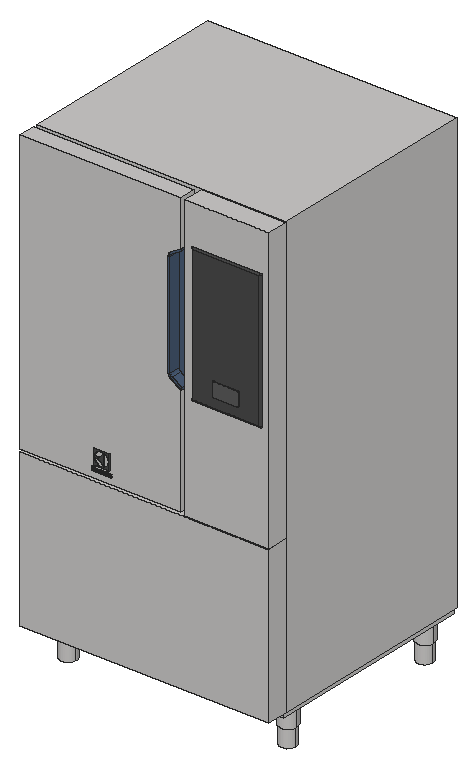
Revit family "QF_ELECTROLUXPROFESSIONAL_725077_EBFA11EP2P", category Specialty Equipment, Revit 2018 (continued)
Lines and regions (mm)
  Split face 222
    outline origin (-5.81, -295.149, -213.119) x (-1, 0, 0) y (0, 0, -1)
      loop
        line (490.638, -548.639) -> (600.654, -548.639) -> (600.654, -543.665) -> (490.638, -543.665) -> (490.638, -548.639)
  Split face 223
    outline origin (-5.81, -295.149, -203.619) x (-1, 0, 0) y (0, 0, -1)
      loop
        line (490.638, -548.639) -> (600.654, -548.639) -> (600.654, -543.665) -> (490.638, -543.665) -> (490.638, -548.639)
  Split face 224
    outline origin (-5.81, -295.149, -194.118) x (-1, 0, 0) y (0, 0, -1)
      loop
        line (490.638, -548.639) -> (600.654, -548.639) -> (600.654, -543.665) -> (490.638, -543.665) -> (490.638, -548.639)
  Split face 225
    outline origin (-5.81, -295.149, -184.618) x (-1, 0, 0) y (0, 0, -1)
      loop
        line (490.638, -548.639) -> (600.654, -548.639) -> (600.654, -543.665) -> (490.638, -543.665) -> (490.638, -548.639)
  Split face 226
    outline origin (-5.81, -295.149, -175.118) x (-1, 0, 0) y (0, 0, -1)
      loop
        line (490.638, -548.639) -> (600.654, -548.639) -> (600.654, -543.665) -> (490.638, -543.665) -> (490.638, -548.639)
  Split face 227
    outline origin (-5.81, -295.149, -165.618) x (-1, 0, 0) y (0, 0, -1)
      loop
        line (490.638, -548.639) -> (600.654, -548.639) -> (600.654, -543.665) -> (490.638, -543.665) -> (490.638, -548.639)
  Split face 228
    outline origin (-5.81, -295.149, -156.118) x (-1, 0, 0) y (0, 0, -1)
      loop
        line (490.638, -548.639) -> (600.654, -548.639) -> (600.654, -543.665) -> (490.638, -543.665) -> (490.638, -548.639)
  Split face 229
    outline origin (-5.81, -295.149, -146.618) x (-1, 0, 0) y (0, 0, -1)
      loop
        line (490.638, -548.639) -> (600.654, -548.639) -> (600.654, -543.665) -> (490.638, -543.665) -> (490.638, -548.639)
  Split face 230
    outline origin (-5.81, -295.149, -137.118) x (-1, 0, 0) y (0, 0, -1)
      loop
        line (490.638, -548.639) -> (600.654, -548.639) -> (600.654, -543.665) -> (490.638, -543.665) -> (490.638, -548.639)
  Split face 231
    outline origin (-5.81, -295.149, -127.618) x (-1, 0, 0) y (0, 0, -1)
      loop
        line (490.638, -548.639) -> (600.654, -548.639) -> (600.654, -543.665) -> (490.638, -543.665) -> (490.638, -548.639)
  Split face 232
    outline origin (-5.81, -295.149, -118.118) x (-1, 0, 0) y (0, 0, -1)
      loop
        line (490.638, -548.639) -> (600.654, -548.639) -> (600.654, -543.665) -> (490.638, -543.665) -> (490.638, -548.639)
  Split face 233
    outline origin (-5.81, -295.149, -108.618) x (-1, 0, 0) y (0, 0, -1)
      loop
        line (490.638, -548.639) -> (600.654, -548.639) -> (600.654, -543.665) -> (490.638, -543.665) -> (490.638, -548.639)
  Split face 234
    outline origin (-5.81, -295.149, -99.118) x (-1, 0, 0) y (0, 0, -1)
      loop
        line (490.638, -548.639) -> (600.654, -548.639) -> (600.654, -543.665) -> (490.638, -543.665) -> (490.638, -548.639)
  Split face 235
    outline origin (-5.81, -295.149, -89.618) x (-1, 0, 0) y (0, 0, -1)
      loop
        line (490.638, -548.639) -> (600.654, -548.639) -> (600.654, -543.665) -> (490.638, -543.665) -> (490.638, -548.639)
  Split face 236
    outline origin (-5.81, -295.149, -80.117) x (-1, 0, 0) y (0, 0, -1)
      loop
        line (490.638, -548.639) -> (600.654, -548.639) -> (600.654, -543.665) -> (490.638, -543.665) -> (490.638, -548.639)
  Split face 237
    outline origin (-5.81, -295.149, -70.617) x (-1, 0, 0) y (0, 0, -1)
      loop
        line (490.638, -548.639) -> (600.654, -548.639) -> (600.654, -543.665) -> (490.638, -543.665) -> (490.638, -548.639)
  Split face 238
    outline origin (-5.81, -295.149, -61.117) x (-1, 0, 0) y (0, 0, -1)
      loop
        line (490.638, -548.639) -> (600.654, -548.639) -> (600.654, -543.665) -> (490.638, -543.665) -> (490.638, -548.639)
  Split face 239
    outline origin (-5.81, -295.149, -51.617) x (-1, 0, 0) y (0, 0, -1)
      loop
        line (490.638, -548.639) -> (600.654, -548.639) -> (600.654, -543.665) -> (490.638, -543.665) -> (490.638, -548.639)
  Split face 240
    outline origin (-5.81, -295.149, -42.117) x (-1, 0, 0) y (0, 0, -1)
      loop
        line (490.638, -548.639) -> (600.654, -548.639) -> (600.654, -543.665) -> (490.638, -543.665) -> (490.638, -548.639)
  Split face 241
    outline origin (-5.81, -295.149, -32.617) x (-1, 0, 0) y (0, 0, -1)
      loop
        line (490.638, -548.639) -> (600.654, -548.639) -> (600.654, -543.665) -> (490.638, -543.665) -> (490.638, -548.639)
  Split face 242
    outline origin (-5.81, -295.149, -23.117) x (-1, 0, 0) y (0, 0, -1)
      loop
        line (490.638, -548.639) -> (600.654, -548.639) -> (600.654, -543.665) -> (490.638, -543.665) -> (490.638, -548.639)
  Split face 243
    outline origin (-5.81, -295.149, -13.617) x (-1, 0, 0) y (0, 0, -1)
      loop
        line (490.638, -548.639) -> (600.654, -548.639) -> (600.654, -543.665) -> (490.638, -543.665) -> (490.638, -548.639)
  Split face 244
    outline origin (-5.81, -295.149, -4.117) x (-1, 0, 0) y (0, 0, -1)
      loop
        line (490.638, -548.639) -> (600.654, -548.639) -> (600.654, -543.665) -> (490.638, -543.665) -> (490.638, -548.639)
  Split face 245
    outline origin (-5.81, -295.149, 5.383) x (-1, 0, 0) y (0, 0, -1)
      loop
        line (490.638, -548.639) -> (600.654, -548.639) -> (600.654, -543.665) -> (490.638, -543.665) -> (490.638, -548.639)
  Split face 246
    outline origin (-5.81, -295.149, 14.883) x (-1, 0, 0) y (0, 0, -1)
      loop
        line (490.638, -548.639) -> (600.654, -548.639) -> (600.654, -543.665) -> (490.638, -543.665) -> (490.638, -548.639)
  Split face 247
    outline origin (-125.802, -295.149, -365.12) x (-1, 0, 0) y (0, 0, -1)
      loop
        line (490.638, -548.639) -> (600.654, -548.639) -> (600.654, -543.665) -> (490.638, -543.665) -> (490.638, -548.639)
  Split face 248
    outline origin (-125.802, -295.149, -355.62) x (-1, 0, 0) y (0, 0, -1)
      loop
        line (490.638, -548.639) -> (600.654, -548.639) -> (600.654, -543.665) -> (490.638, -543.665) -> (490.638, -548.639)
  Split face 249
    outline origin (-125.802, -295.149, -346.12) x (-1, 0, 0) y (0, 0, -1)
      loop
        line (490.638, -548.639) -> (600.654, -548.639) -> (600.654, -543.665) -> (490.638, -543.665) -> (490.638, -548.639)
  Split face 250
    outline origin (-125.802, -295.149, -336.62) x (-1, 0, 0) y (0, 0, -1)
      loop
        line (490.638, -548.639) -> (600.654, -548.639) -> (600.654, -543.665) -> (490.638, -543.665) -> (490.638, -548.639)
  Split face 251
    outline origin (-125.802, -295.149, -327.12) x (-1, 0, 0) y (0, 0, -1)
      loop
        line (490.638, -548.639) -> (600.654, -548.639) -> (600.654, -543.665) -> (490.638, -543.665) -> (490.638, -548.639)
  Split face 252
    outline origin (-125.802, -295.149, -317.619) x (-1, 0, 0) y (0, 0, -1)
      loop
        line (490.638, -548.639) -> (600.654, -548.639) -> (600.654, -543.665) -> (490.638, -543.665) -> (490.638, -548.639)
  Split face 253
    outline origin (-125.802, -295.149, -308.119) x (-1, 0, 0) y (0, 0, -1)
      loop
        line (490.638, -548.639) -> (600.654, -548.639) -> (600.654, -543.665) -> (490.638, -543.665) -> (490.638, -548.639)
  Split face 254
    outline origin (-125.802, -295.149, -298.619) x (-1, 0, 0) y (0, 0, -1)
      loop
        line (490.638, -548.639) -> (600.654, -548.639) -> (600.654, -543.665) -> (490.638, -543.665) -> (490.638, -548.639)
  Split face 255
    outline origin (-125.802, -295.149, -289.119) x (-1, 0, 0) y (0, 0, -1)
      loop
        line (490.638, -548.639) -> (600.654, -548.639) -> (600.654, -543.665) -> (490.638, -543.665) -> (490.638, -548.639)
  Split face 256
    outline origin (-125.802, -295.149, -279.619) x (-1, 0, 0) y (0, 0, -1)
      loop
        line (490.638, -548.639) -> (600.654, -548.639) -> (600.654, -543.665) -> (490.638, -543.665) -> (490.638, -548.639)
  Split face 257
    outline origin (-125.802, -295.149, -270.119) x (-1, 0, 0) y (0, 0, -1)
      loop
        line (490.638, -548.639) -> (600.654, -548.639) -> (600.654, -543.665) -> (490.638, -543.665) -> (490.638, -548.639)
  Split face 258
    outline origin (-125.802, -295.149, -260.619) x (-1, 0, 0) y (0, 0, -1)
      loop
        line (490.638, -548.639) -> (600.654, -548.639) -> (600.654, -543.665) -> (490.638, -543.665) -> (490.638, -548.639)
  Split face 259
    outline origin (-125.802, -295.149, -251.119) x (-1, 0, 0) y (0, 0, -1)
      loop
        line (490.638, -548.639) -> (600.654, -548.639) -> (600.654, -543.665) -> (490.638, -543.665) -> (490.638, -548.639)
  Split face 260
    outline origin (-125.802, -295.149, -241.619) x (-1, 0, 0) y (0, 0, -1)
      loop
        line (490.638, -548.639) -> (600.654, -548.639) -> (600.654, -543.665) -> (490.638, -543.665) -> (490.638, -548.639)
  Split face 261
    outline origin (-125.802, -295.149, -232.119) x (-1, 0, 0) y (0, 0, -1)
      loop
        line (490.638, -548.639) -> (600.654, -548.639) -> (600.654, -543.665) -> (490.638, -543.665) -> (490.638, -548.639)
  Split face 262
    outline origin (-125.802, -295.149, -222.619) x (-1, 0, 0) y (0, 0, -1)
      loop
        line (490.638, -548.639) -> (600.654, -548.639) -> (600.654, -543.665) -> (490.638, -543.665) -> (490.638, -548.639)
  Split face 263
    outline origin (-125.802, -295.149, -213.119) x (-1, 0, 0) y (0, 0, -1)
      loop
        line (490.638, -548.639) -> (600.654, -548.639) -> (600.654, -543.665) -> (490.638, -543.665) -> (490.638, -548.639)
  Split face 264
    outline origin (-125.802, -295.149, -203.619) x (-1, 0, 0) y (0, 0, -1)
      loop
        line (490.638, -548.639) -> (600.654, -548.639) -> (600.654, -543.665) -> (490.638, -543.665) -> (490.638, -548.639)
  Split face 265
    outline origin (-125.802, -295.149, -194.118) x (-1, 0, 0) y (0, 0, -1)
      loop
        line (490.638, -548.639) -> (600.654, -548.639) -> (600.654, -543.665) -> (490.638, -543.665) -> (490.638, -548.639)
  Split face 266
    outline origin (-125.802, -295.149, -184.618) x (-1, 0, 0) y (0, 0, -1)
      loop
        line (490.638, -548.639) -> (600.654, -548.639) -> (600.654, -543.665) -> (490.638, -543.665) -> (490.638, -548.639)
  Split face 267
    outline origin (-125.802, -295.149, -175.118) x (-1, 0, 0) y (0, 0, -1)
      loop
        line (490.638, -548.639) -> (600.654, -548.639) -> (600.654, -543.665) -> (490.638, -543.665) -> (490.638, -548.639)
  Split face 268
    outline origin (-125.802, -295.149, -165.618) x (-1, 0, 0) y (0, 0, -1)
      loop
        line (490.638, -548.639) -> (600.654, -548.639) -> (600.654, -543.665) -> (490.638, -543.665) -> (490.638, -548.639)
  Split face 269
    outline origin (-125.802, -295.149, -156.118) x (-1, 0, 0) y (0, 0, -1)
      loop
        line (490.638, -548.639) -> (600.654, -548.639) -> (600.654, -543.665) -> (490.638, -543.665) -> (490.638, -548.639)
  Split face 270
    outline origin (-125.802, -295.149, -146.618) x (-1, 0, 0) y (0, 0, -1)
      loop
        line (490.638, -548.639) -> (600.654, -548.639) -> (600.654, -543.665) -> (490.638, -543.665) -> (490.638, -548.639)
  Split face 271
    outline origin (-125.802, -295.149, -137.118) x (-1, 0, 0) y (0, 0, -1)
      loop
        line (490.638, -548.639) -> (600.654, -548.639) -> (600.654, -543.665) -> (490.638, -543.665) -> (490.638, -548.639)
  Split face 272
    outline origin (-125.802, -295.149, -127.618) x (-1, 0, 0) y (0, 0, -1)
      loop
        line (490.638, -548.639) -> (600.654, -548.639) -> (600.654, -543.665) -> (490.638, -543.665) -> (490.638, -548.639)
  Split face 273
    outline origin (-125.802, -295.149, -118.118) x (-1, 0, 0) y (0, 0, -1)
      loop
        line (490.638, -548.639) -> (600.654, -548.639) -> (600.654, -543.665) -> (490.638, -543.665) -> (490.638, -548.639)
  Split face 274
    outline origin (-125.802, -295.149, -108.618) x (-1, 0, 0) y (0, 0, -1)
      loop
        line (490.638, -548.639) -> (600.654, -548.639) -> (600.654, -543.665) -> (490.638, -543.665) -> (490.638, -548.639)
  Split face 275
    outline origin (-125.802, -295.149, -99.118) x (-1, 0, 0) y (0, 0, -1)
      loop
        line (490.638, -548.639) -> (600.654, -548.639) -> (600.654, -543.665) -> (490.638, -543.665) -> (490.638, -548.639)
  Split face 276
    outline origin (-125.802, -295.149, -89.618) x (-1, 0, 0) y (0, 0, -1)
      loop
        line (490.638, -548.639) -> (600.654, -548.639) -> (600.654, -543.665) -> (490.638, -543.665) -> (490.638, -548.639)
  Split face 277
    outline origin (-125.802, -295.149, -80.117) x (-1, 0, 0) y (0, 0, -1)
      loop
        line (490.638, -548.639) -> (600.654, -548.639) -> (600.654, -543.665) -> (490.638, -543.665) -> (490.638, -548.639)
  Split face 278
    outline origin (-125.802, -295.149, -70.617) x (-1, 0, 0) y (0, 0, -1)
      loop
        line (490.638, -548.639) -> (600.654, -548.639) -> (600.654, -543.665) -> (490.638, -543.665) -> (490.638, -548.639)
  Split face 279
    outline origin (-125.802, -295.149, -61.117) x (-1, 0, 0) y (0, 0, -1)
      loop
        line (490.638, -548.639) -> (600.654, -548.639) -> (600.654, -543.665) -> (490.638, -543.665) -> (490.638, -548.639)
  Split face 280
    outline origin (-125.802, -295.149, -51.617) x (-1, 0, 0) y (0, 0, -1)
      loop
        line (490.638, -548.639) -> (600.654, -548.639) -> (600.654, -543.665) -> (490.638, -543.665) -> (490.638, -548.639)
  Split face 281
    outline origin (-125.802, -295.149, -42.117) x (-1, 0, 0) y (0, 0, -1)
      loop
        line (490.638, -548.639) -> (600.654, -548.639) -> (600.654, -543.665) -> (490.638, -543.665) -> (490.638, -548.639)
  Split face 282
    outline origin (-125.802, -295.149, -32.617) x (-1, 0, 0) y (0, 0, -1)
      loop
        line (490.638, -548.639) -> (600.654, -548.639) -> (600.654, -543.665) -> (490.638, -543.665) -> (490.638, -548.639)
  Split face 283
    outline origin (-125.802, -295.149, -23.117) x (-1, 0, 0) y (0, 0, -1)
      loop
        line (490.638, -548.639) -> (600.654, -548.639) -> (600.654, -543.665) -> (490.638, -543.665) -> (490.638, -548.639)
  Split face 284
    outline origin (-125.802, -295.149, -13.617) x (-1, 0, 0) y (0, 0, -1)
      loop
        line (490.638, -548.639) -> (600.654, -548.639) -> (600.654, -543.665) -> (490.638, -543.665) -> (490.638, -548.639)
  Split face 285
    outline origin (-125.802, -295.149, -4.117) x (-1, 0, 0) y (0, 0, -1)
      loop
        line (490.638, -548.639) -> (600.654, -548.639) -> (600.654, -543.665) -> (490.638, -543.665) -> (490.638, -548.639)
  Split face 286
    outline origin (-125.802, -295.149, 5.383) x (-1, 0, 0) y (0, 0, -1)
      loop
        line (490.638, -548.639) -> (600.654, -548.639) -> (600.654, -543.665) -> (490.638, -543.665) -> (490.638, -548.639)
  Split face 287
    outline origin (-125.802, -295.149, 14.883) x (-1, 0, 0) y (0, 0, -1)
      loop
        line (490.638, -548.639) -> (600.654, -548.639) -> (600.654, -543.665) -> (490.638, -543.665) -> (490.638, -548.639)
  symbolic lines
    curve 1: line (-759, 547.851, 1731) -> (136, 547.851, 1731)
    curve 2: line (-759, -219.149, 1731) -> (-759, 547.851, 1731)
    curve 3: line (136, -295.149, 1731) -> (-166, -295.149, 1731)
    curve 4: line (136, 547.851, 1731) -> (136, -295.149, 1731)
    curve 5: line (-139.183, 547.851, 1731) -> (-131.09, 639.851, 1731)
    curve 6: line (-131.09, 639.851, 1731) -> (33.141, 639.851, 1731)
    curve 7: line (33.141, 639.851, 1731) -> (41.234, 547.851, 1731)
    curve 8: line (56.5, 576.851, 1731) -> (77.5, 576.851, 1731)
    curve 9: line (77.5, 576.851, 1731) -> (77.5, 547.851, 1731)
    curve 10: line (56.5, 576.851, 1731) -> (56.5, 547.851, 1731)
    curve 11: line (104, -300.149, 1731) -> (-134, -300.149, 1731)
    curve 12: line (-134, -300.149, 1731) -> (-142, -295.149, 1731)
    curve 13: line (104, -300.149, 1731) -> (112, -295.149, 1731)
    curve 18: line (-166, -295.149, 0) -> (-166, -219.149, 0)
    curve 19: line (-166, -219.149, 0) -> (-759, -219.149, 0)
    curve 20: line (-759, -235.149, 0) -> (-180.8, -235.149, 0)
    curve 21: line (-759, -295.149, 0) -> (-759, -235.149, 0)
    curve 22: line (-180.8, -295.149, 0) -> (-759, -295.149, 0)
    curve 23: line (-180.8, -235.149, 0) -> (-180.8, -295.149, 0)
    curve 24: line (-225.54, -296.149, 0) -> (-178.3, -296.149, 0)
    curve 25: line (-178.3, -296.149, 0) -> (-178.3, -256.149, 0)
    curve 26: line (-178.3, -256.149, 0) -> (-180.8, -256.149, 0)
    curve 27: line (-225.54, -296.149, 0) -> (-225.54, -295.149, 0)
  symbolic lines, style "QF_Door-Drawer Clearances", visible <- "Show Clearance"
    curve 14: arc (-180.8, -295.149, 1731) -> (-338.805, -665.108, 1731) -> (-705, -831.649, 1731) r 556
    curve 15: line (-765, -831.649, 1731) -> (-765, -295.149, 1731)
    curve 16: line (-705, -831.649, 1731) -> (-765, -831.649, 1731)
    curve 17: line (-705, -831.649, 1731) -> (-705, -295.149, 1731)
Dimensions and locks
  equal spacing: plane 4 "LEFT", plane 3 "Center Y", plane 6 "RIGHT"
  plane 4 "LEFT" to plane 6 "RIGHT" = 895 mm
  plane 5 "BACK" to plane 7 "FRONT" = 843 mm
  equal spacing: plane 5 "BACK", plane 1 "Center X", plane 7 "FRONT"
  cut or joined group of Extrusion 1, Extrusion 2, Extrusion 3, Extrusion 5, Extrusion 6, Extrusion 7, Extrusion 13 to Extrusion 3 sketch curve = 826 mm
  level to Extrusion 3 sketch curve = 593 mm
  plane 5 "BACK" to Extrusion 6 sketch curve = 398 mm
  plane 4 "LEFT" to Extrusion 6 sketch curve = 400 mm
  Extrusion 3 sketch curve to plane 4 "LEFT" = 826 mm
  aligned and locked: level to plane 2
  aligned and locked: plane 12 to nested 3
  aligned and locked: plane 12 to nested 2
  aligned and locked: plane 10 to nested 1
  aligned and locked: plane 10 to nested 4
  aligned and locked: nested 4 to plane 11
  aligned and locked: nested 3 to plane 11
  aligned and locked: nested 1 to plane 13
  aligned and locked: nested 2 to plane 13
  aligned and locked: Extrusion 12 to Extrusion 11
  aligned and locked: Extrusion 16 to Extrusion 15
Automatic sketch dimensions
  Extrusion 1 sketch curve to plane 5 "BACK" = 0 mm
  Extrusion 1 sketch curve to plane 6 "RIGHT" = 0 mm
  Extrusion 1 sketch curve to plane 4 "LEFT" = 0 mm
  Extrusion 1 sketch curve to plane 13 = 75 mm
  Extrusion 2 sketch curve to plane 5 "BACK" = 0 mm
  Extrusion 2 sketch curve to plane 14 = 0 mm  (x5)
  Extrusion 2 sketch curve to plane 14 = 10 mm
  Extrusion 2 sketch curve to plane 14 = 8 mm
  Extrusion 2 sketch curve to plane 14 = 7.305 mm
  Extrusion 2 sketch curve to plane 14 = 4.997 mm
  plane 14 to Extrusion 2 sketch curve = 8.773 mm  (x4)
  plane 8 to Extrusion 2 sketch curve = 521.023 mm
  Extrusion 2 sketch curve to Extrusion 2 sketch curve = 7.476 mm
  Extrusion 2 sketch curve to Extrusion 2 sketch curve = 25.474 mm
  Extrusion 2 sketch curve to Extrusion 2 sketch curve = 9.313 mm  (x4)
  Extrusion 2 sketch curve to Extrusion 2 sketch curve = 31.38 mm  (x3)
  Extrusion 2 sketch curve to Extrusion 2 sketch curve = 32.916 mm
  Extrusion 2 sketch curve to Extrusion 2 sketch curve = 50.851 mm
  Extrusion 4 sketch curve to plane 6 "RIGHT" = 0 mm
  Extrusion 4 sketch curve to plane 4 "LEFT" = 0 mm
  Extrusion 4 sketch curve to plane 7 "FRONT" = 0 mm
  plane 7 "FRONT" to Extrusion 4 sketch curve = 75 mm
  Extrusion 5 sketch curve to plane 5 "BACK" = 0 mm
  Extrusion 5 sketch curve to plane 6 "RIGHT" = 9 mm
  plane 4 "LEFT" to Extrusion 5 sketch curve = 9 mm
  Extrusion 5 sketch curve to plane 13 = 73 mm
  Split face 1 sketch curve to Extrusion 4 = 32.492 mm
  Split face 1 sketch curve to Extrusion 4 = 28.525 mm
  Split face 1 sketch curve to Split face 1 sketch curve = 110.016 mm
  Split face 1 sketch curve to Split face 1 sketch curve = 4.974 mm
  Extrusion 7 sketch curve to plane 5 "BACK" = 0 mm  (x2)
  Extrusion 7 sketch curve to plane 14 = 0 mm  (x2)
  Extrusion 7 sketch curve to plane 12 = 41.135 mm
  Extrusion 7 sketch curve to Extrusion 7 sketch curve = 1.631 mm  (x2)
  Extrusion 7 sketch curve to Extrusion 7 sketch curve = 9.723 mm
  Extrusion 7 sketch curve to Extrusion 7 sketch curve = 164.232 mm
  Extrusion 7 sketch curve to Extrusion 7 sketch curve = 8.092 mm
  Extrusion 8 sketch curve to plane 4 "LEFT" = 0 mm
  Extrusion 8 sketch curve to plane 9 "TOP" = 0 mm
  plane 3 "Center Y" to Extrusion 8 sketch curve = 85.96 mm
  Extrusion 8 sketch curve to Extrusion 8 sketch curve = 8.487 mm
  Extrusion 8 sketch curve to Extrusion 8 sketch curve = 8.95 mm
  Extrusion 8 sketch curve to Extrusion 8 sketch curve = 10.513 mm
  Extrusion 8 sketch curve to Extrusion 8 sketch curve = 11.05 mm
  Extrusion 8 sketch curve to Extrusion 8 sketch curve = 35.79 mm
  Extrusion 8 sketch curve to Extrusion 8 sketch curve = 36.253 mm
  Extrusion 8 sketch curve to Extrusion 8 sketch curve = 162.03 mm
  Extrusion 8 sketch curve to Extrusion 8 sketch curve = 24.082 mm
  Extrusion 8 sketch curve to Extrusion 8 sketch curve = 374.913 mm
  Extrusion 8 sketch curve to Extrusion 8 sketch curve = 23.723 mm
  plane 8 to Extrusion 8 sketch curve = 589.524 mm
  Extrusion 9 sketch curve to plane 7 "FRONT" = 0 mm
  Extrusion 9 sketch curve to plane 6 "RIGHT" = 0 mm
  plane 3 "Center Y" to Extrusion 9 sketch curve = 145.5 mm
  plane 7 "FRONT" to Extrusion 9 sketch curve = 75 mm
  plane 3 "Center Y" to Extrusion 11 sketch curve = 85.96 mm
  Extrusion 11 sketch curve to Extrusion 11 sketch curve = 8.487 mm
  Extrusion 11 sketch curve to Extrusion 11 sketch curve = 8.95 mm
  Extrusion 11 sketch curve to Extrusion 11 sketch curve = 19 mm
  Extrusion 11 sketch curve to Extrusion 11 sketch curve = 11.05 mm
  Extrusion 11 sketch curve to plane 9 "TOP" = 186.112 mm
  Extrusion 11 sketch curve to Extrusion 11 sketch curve = 374.913 mm
  Extrusion 11 sketch curve to Extrusion 11 sketch curve = 36.253 mm
  Extrusion 11 sketch curve to Extrusion 11 sketch curve = 35.79 mm
  Extrusion 11 sketch curve to Extrusion 11 sketch curve = 0 mm  (x3)
  Extrusion 11 sketch curve to Extrusion 11 sketch curve = 24.082 mm
  Extrusion 11 sketch curve to Extrusion 11 sketch curve = 23.723 mm
  Extrusion 12 sketch curve to Extrusion 12 sketch curve = 0 mm  (x4)
  plane 3 "Center Y" to Extrusion 12 sketch curve = 133.2 mm  (x2)
  Extrusion 12 sketch curve to Extrusion 12 sketch curve = 2.5 mm  (x2)
  Extrusion 12 sketch curve to Extrusion 12 sketch curve = 27.24 mm
  Extrusion 12 sketch curve to Extrusion 12 sketch curve = 28.24 mm
  Extrusion 12 sketch curve to Extrusion 12 sketch curve = 7.459 mm
  Extrusion 12 sketch curve to Extrusion 12 sketch curve = 6.917 mm
  Extrusion 12 sketch curve to Extrusion 12 sketch curve = 3.591 mm
  Extrusion 12 sketch curve to Extrusion 12 sketch curve = 3.597 mm
  Extrusion 12 sketch curve to Extrusion 12 sketch curve = 5.583 mm
  Extrusion 12 sketch curve to Extrusion 12 sketch curve = 6.5 mm
  Extrusion 12 sketch curve to plane 9 "TOP" = 162.03 mm
  Extrusion 12 sketch curve to Extrusion 12 sketch curve = 6.143 mm
  Extrusion 12 sketch curve to Extrusion 12 sketch curve = 17.939 mm
  Extrusion 12 sketch curve to Extrusion 12 sketch curve = 374.913 mm
  Extrusion 12 sketch curve to Extrusion 12 sketch curve = 23 mm
  Extrusion 12 sketch curve to Extrusion 12 sketch curve = 6.141 mm
  plane 10 to Extrusion 13 sketch curve = 9 mm
  plane 3 "Center Y" to Extrusion 13 sketch curve = 80.7 mm
  Extrusion 13 sketch curve to plane 9 "TOP" = 60 mm
  plane 8 to Extrusion 13 sketch curve = 639 mm
  Split face 2 sketch curve to Extrusion 4 = 32.492 mm
  Split face 2 sketch curve to Extrusion 4 = 38.025 mm
  Split face 2 sketch curve to Split face 2 sketch curve = 110.016 mm
  Split face 2 sketch curve to Split face 2 sketch curve = 4.974 mm
  Split face 3 sketch curve to Extrusion 4 = 32.492 mm
  Split face 3 sketch curve to Extrusion 4 = 47.525 mm
  Split face 3 sketch curve to Split face 3 sketch curve = 110.016 mm
  Split face 3 sketch curve to Split face 3 sketch curve = 4.974 mm
  Split face 4 sketch curve to Extrusion 4 = 32.492 mm
  Split face 4 sketch curve to Split face 4 sketch curve = 110.016 mm
  Split face 4 sketch curve to Extrusion 4 = 61.999 mm
  Split face 4 sketch curve to Split face 4 sketch curve = 4.974 mm
  Split face 5 sketch curve to Extrusion 4 = 32.492 mm
  Split face 5 sketch curve to Split face 5 sketch curve = 110.016 mm
  Split face 5 sketch curve to Extrusion 4 = 71.499 mm
  Split face 5 sketch curve to Split face 5 sketch curve = 4.974 mm
  Split face 6 sketch curve to Extrusion 4 = 32.492 mm
  Split face 6 sketch curve to Split face 6 sketch curve = 110.016 mm
  Split face 6 sketch curve to Extrusion 4 = 80.999 mm
  Split face 6 sketch curve to Split face 6 sketch curve = 4.974 mm
  Split face 7 sketch curve to Extrusion 4 = 32.492 mm
  Split face 7 sketch curve to Split face 7 sketch curve = 110.016 mm
  Split face 7 sketch curve to Extrusion 4 = 90.499 mm
  Split face 7 sketch curve to Split face 7 sketch curve = 4.974 mm
  Split face 8 sketch curve to Extrusion 4 = 32.492 mm
  Split face 8 sketch curve to Split face 8 sketch curve = 110.016 mm
  Split face 8 sketch curve to Extrusion 4 = 99.999 mm
  Split face 8 sketch curve to Split face 8 sketch curve = 4.974 mm
  Split face 9 sketch curve to Extrusion 4 = 32.492 mm
  Split face 9 sketch curve to Split face 9 sketch curve = 110.016 mm
  Split face 9 sketch curve to Extrusion 4 = 109.499 mm
  Split face 9 sketch curve to Split face 9 sketch curve = 4.974 mm
  Split face 10 sketch curve to Extrusion 4 = 32.492 mm
  Split face 10 sketch curve to Split face 10 sketch curve = 110.016 mm
  Split face 10 sketch curve to Extrusion 4 = 119 mm
  Split face 10 sketch curve to Split face 10 sketch curve = 4.974 mm
  Split face 11 sketch curve to Extrusion 4 = 32.492 mm
  Split face 11 sketch curve to Split face 11 sketch curve = 110.016 mm
  Split face 11 sketch curve to Extrusion 4 = 128.5 mm
  Split face 11 sketch curve to Split face 11 sketch curve = 4.974 mm
  Split face 12 sketch curve to Extrusion 4 = 32.492 mm
  Split face 12 sketch curve to Split face 12 sketch curve = 110.016 mm
  Split face 12 sketch curve to Extrusion 4 = 138 mm
  Split face 12 sketch curve to Split face 12 sketch curve = 4.974 mm
  Split face 13 sketch curve to Extrusion 4 = 32.492 mm
  Split face 13 sketch curve to Split face 13 sketch curve = 110.016 mm
  Split face 13 sketch curve to Extrusion 4 = 147.5 mm
  Split face 13 sketch curve to Split face 13 sketch curve = 4.974 mm
  Split face 14 sketch curve to Extrusion 4 = 32.492 mm
  Split face 14 sketch curve to Split face 14 sketch curve = 110.016 mm
  Split face 14 sketch curve to Extrusion 4 = 157 mm
  Split face 14 sketch curve to Split face 14 sketch curve = 4.974 mm
  Split face 15 sketch curve to Extrusion 4 = 32.492 mm
  Split face 15 sketch curve to Split face 15 sketch curve = 110.016 mm
  Split face 15 sketch curve to Extrusion 4 = 166.5 mm
  Split face 15 sketch curve to Split face 15 sketch curve = 4.974 mm
  Split face 16 sketch curve to Extrusion 4 = 32.492 mm
  Split face 16 sketch curve to Split face 16 sketch curve = 110.016 mm
  Split face 16 sketch curve to Extrusion 4 = 176 mm
  Split face 16 sketch curve to Split face 16 sketch curve = 4.974 mm
  Split face 17 sketch curve to Extrusion 4 = 32.492 mm
  Split face 17 sketch curve to Split face 17 sketch curve = 110.016 mm
  Split face 17 sketch curve to Extrusion 4 = 185.5 mm
  Split face 17 sketch curve to Split face 17 sketch curve = 4.974 mm
  Split face 18 sketch curve to Extrusion 4 = 32.492 mm
  Split face 18 sketch curve to Split face 18 sketch curve = 110.016 mm
  Split face 18 sketch curve to Extrusion 4 = 195 mm
  Split face 18 sketch curve to Split face 18 sketch curve = 4.974 mm
  Split face 19 sketch curve to Extrusion 4 = 32.492 mm
  Split face 19 sketch curve to Split face 19 sketch curve = 110.016 mm
  Split face 19 sketch curve to Extrusion 4 = 204.5 mm
  Split face 19 sketch curve to Split face 19 sketch curve = 4.974 mm
  Split face 20 sketch curve to Extrusion 4 = 32.492 mm
  Split face 20 sketch curve to Split face 20 sketch curve = 110.016 mm
  Split face 20 sketch curve to Extrusion 4 = 214 mm
  Split face 20 sketch curve to Split face 20 sketch curve = 4.974 mm
  Split face 21 sketch curve to Extrusion 4 = 32.492 mm
  Split face 21 sketch curve to Split face 21 sketch curve = 110.016 mm
  Split face 21 sketch curve to Extrusion 4 = 223.5 mm
  Split face 21 sketch curve to Split face 21 sketch curve = 4.974 mm
  Split face 22 sketch curve to Extrusion 4 = 32.492 mm
  Split face 22 sketch curve to Split face 22 sketch curve = 110.016 mm
  Split face 22 sketch curve to Extrusion 4 = 233.001 mm
  Split face 22 sketch curve to Split face 22 sketch curve = 4.974 mm
  Split face 23 sketch curve to Extrusion 4 = 32.492 mm
  Split face 23 sketch curve to Split face 23 sketch curve = 110.016 mm
  Split face 23 sketch curve to Extrusion 4 = 242.501 mm
  Split face 23 sketch curve to Split face 23 sketch curve = 4.974 mm
  Split face 24 sketch curve to Extrusion 4 = 32.492 mm
  Split face 24 sketch curve to Split face 24 sketch curve = 110.016 mm
  Split face 24 sketch curve to Extrusion 4 = 252.001 mm
  Split face 24 sketch curve to Split face 24 sketch curve = 4.974 mm
  Split face 25 sketch curve to Extrusion 4 = 32.492 mm
  Split face 25 sketch curve to Split face 25 sketch curve = 110.016 mm
  Split face 25 sketch curve to Extrusion 4 = 261.501 mm
  Split face 25 sketch curve to Split face 25 sketch curve = 4.974 mm
  Split face 26 sketch curve to Extrusion 4 = 32.492 mm
  Split face 26 sketch curve to Split face 26 sketch curve = 110.016 mm
  Split face 26 sketch curve to Extrusion 4 = 271.001 mm
  Split face 26 sketch curve to Split face 26 sketch curve = 4.974 mm
  Split face 27 sketch curve to Extrusion 4 = 32.492 mm
  Split face 27 sketch curve to Split face 27 sketch curve = 110.016 mm
  Split face 27 sketch curve to Extrusion 4 = 279.479 mm
  Split face 27 sketch curve to Split face 27 sketch curve = 4.974 mm
  Split face 28 sketch curve to Extrusion 4 = 32.492 mm
  Split face 28 sketch curve to Split face 28 sketch curve = 110.016 mm
  Split face 28 sketch curve to Extrusion 4 = 269.979 mm
  Split face 28 sketch curve to Split face 28 sketch curve = 4.974 mm
  Split face 29 sketch curve to Extrusion 4 = 32.492 mm
  Split face 29 sketch curve to Split face 29 sketch curve = 110.016 mm
  Split face 29 sketch curve to Extrusion 4 = 260.479 mm
  Split face 29 sketch curve to Split face 29 sketch curve = 4.974 mm
  Split face 30 sketch curve to Extrusion 4 = 32.492 mm
  Split face 30 sketch curve to Split face 30 sketch curve = 110.016 mm
  Split face 30 sketch curve to Extrusion 4 = 250.978 mm
  Split face 30 sketch curve to Split face 30 sketch curve = 4.974 mm
  Split face 31 sketch curve to Extrusion 4 = 32.492 mm
  Split face 31 sketch curve to Split face 31 sketch curve = 110.016 mm
  Split face 31 sketch curve to Extrusion 4 = 241.478 mm
  Split face 31 sketch curve to Split face 31 sketch curve = 4.974 mm
  Split face 32 sketch curve to Extrusion 4 = 32.492 mm
  Split face 32 sketch curve to Split face 32 sketch curve = 110.016 mm
  Split face 32 sketch curve to Extrusion 4 = 231.978 mm
  Split face 32 sketch curve to Split face 32 sketch curve = 4.974 mm
  Split face 33 sketch curve to Extrusion 4 = 32.492 mm
  Split face 33 sketch curve to Split face 33 sketch curve = 110.016 mm
  Split face 33 sketch curve to Extrusion 4 = 222.478 mm
  Split face 33 sketch curve to Split face 33 sketch curve = 4.974 mm
  Split face 34 sketch curve to Extrusion 4 = 32.492 mm
  Split face 34 sketch curve to Split face 34 sketch curve = 110.016 mm
  Split face 34 sketch curve to Extrusion 4 = 212.978 mm
  Split face 34 sketch curve to Split face 34 sketch curve = 4.974 mm
  Split face 35 sketch curve to Extrusion 4 = 32.492 mm
  Split face 35 sketch curve to Split face 35 sketch curve = 110.016 mm
  Split face 35 sketch curve to Extrusion 4 = 203.478 mm
  Split face 35 sketch curve to Split face 35 sketch curve = 4.974 mm
  Split face 36 sketch curve to Extrusion 4 = 32.492 mm
  Split face 36 sketch curve to Split face 36 sketch curve = 110.016 mm
  Split face 36 sketch curve to Extrusion 4 = 193.978 mm
  Split face 36 sketch curve to Split face 36 sketch curve = 4.974 mm
  Split face 37 sketch curve to Extrusion 4 = 32.492 mm
  Split face 37 sketch curve to Split face 37 sketch curve = 110.016 mm
  Split face 37 sketch curve to Extrusion 4 = 184.478 mm
  Split face 37 sketch curve to Split face 37 sketch curve = 4.974 mm
  Split face 38 sketch curve to Extrusion 4 = 32.492 mm
  Split face 38 sketch curve to Split face 38 sketch curve = 110.016 mm
  Split face 38 sketch curve to Extrusion 4 = 174.978 mm
  Split face 38 sketch curve to Split face 38 sketch curve = 4.974 mm
  Split face 39 sketch curve to Extrusion 4 = 32.492 mm
  Split face 39 sketch curve to Split face 39 sketch curve = 110.016 mm
  Split face 39 sketch curve to Extrusion 4 = 165.478 mm
  Split face 39 sketch curve to Split face 39 sketch curve = 4.974 mm
  Split face 40 sketch curve to Extrusion 4 = 32.492 mm
  Split face 40 sketch curve to Split face 40 sketch curve = 110.016 mm
  Split face 40 sketch curve to Extrusion 4 = 155.978 mm
  Split face 40 sketch curve to Split face 40 sketch curve = 4.974 mm
  Split face 41 sketch curve to Extrusion 4 = 32.492 mm
  Split face 41 sketch curve to Split face 41 sketch curve = 110.016 mm
  Split face 41 sketch curve to Extrusion 4 = 146.478 mm
  Split face 41 sketch curve to Split face 41 sketch curve = 4.974 mm
  Split face 42 sketch curve to Extrusion 4 = 33.499 mm
  Split face 42 sketch curve to Extrusion 4 = 152.483 mm
  Split face 42 sketch curve to Extrusion 4 = 28.525 mm
  Split face 42 sketch curve to Split face 42 sketch curve = 110.016 mm
  Split face 43 sketch curve to Extrusion 4 = 42.999 mm
  Split face 43 sketch curve to Extrusion 4 = 152.483 mm
  Split face 43 sketch curve to Extrusion 4 = 38.025 mm
  Split face 43 sketch curve to Split face 43 sketch curve = 110.016 mm
  Split face 44 sketch curve to Extrusion 4 = 52.499 mm
  Split face 44 sketch curve to Extrusion 4 = 152.483 mm
  Split face 44 sketch curve to Extrusion 4 = 47.525 mm
  Split face 44 sketch curve to Split face 44 sketch curve = 110.016 mm
  Split face 45 sketch curve to Extrusion 4 = 61.999 mm
  Split face 45 sketch curve to Extrusion 4 = 152.483 mm
  Split face 45 sketch curve to Split face 45 sketch curve = 110.016 mm
  Split face 45 sketch curve to Split face 45 sketch curve = 4.974 mm
  Split face 46 sketch curve to Extrusion 4 = 71.499 mm
  Split face 46 sketch curve to Extrusion 4 = 152.483 mm
  Split face 46 sketch curve to Split face 46 sketch curve = 110.016 mm
  Split face 46 sketch curve to Split face 46 sketch curve = 4.974 mm
  Split face 47 sketch curve to Extrusion 4 = 152.483 mm
  Split face 47 sketch curve to Split face 47 sketch curve = 110.016 mm
  Split face 47 sketch curve to Extrusion 4 = 80.999 mm
  Split face 47 sketch curve to Split face 47 sketch curve = 4.974 mm
  Split face 48 sketch curve to Extrusion 4 = 152.483 mm
  Split face 48 sketch curve to Split face 48 sketch curve = 110.016 mm
  Split face 48 sketch curve to Extrusion 4 = 90.499 mm
  Split face 48 sketch curve to Split face 48 sketch curve = 4.974 mm
  Split face 49 sketch curve to Extrusion 4 = 152.483 mm
  Split face 49 sketch curve to Split face 49 sketch curve = 110.016 mm
  Split face 49 sketch curve to Extrusion 4 = 99.999 mm
  Split face 49 sketch curve to Split face 49 sketch curve = 4.974 mm
  Split face 50 sketch curve to Extrusion 4 = 152.483 mm
  Split face 50 sketch curve to Split face 50 sketch curve = 110.016 mm
  Split face 50 sketch curve to Extrusion 4 = 109.499 mm
  Split face 50 sketch curve to Split face 50 sketch curve = 4.974 mm
  Split face 51 sketch curve to Extrusion 4 = 152.483 mm
  Split face 51 sketch curve to Split face 51 sketch curve = 110.016 mm
  Split face 51 sketch curve to Extrusion 4 = 119 mm
  Split face 51 sketch curve to Split face 51 sketch curve = 4.974 mm
  Split face 52 sketch curve to Extrusion 4 = 152.483 mm
  Split face 52 sketch curve to Split face 52 sketch curve = 110.016 mm
  Split face 52 sketch curve to Extrusion 4 = 128.5 mm
  Split face 52 sketch curve to Split face 52 sketch curve = 4.974 mm
  Split face 53 sketch curve to Extrusion 4 = 152.483 mm
  Split face 53 sketch curve to Split face 53 sketch curve = 110.016 mm
  Split face 53 sketch curve to Extrusion 4 = 138 mm
  Split face 53 sketch curve to Split face 53 sketch curve = 4.974 mm
  Split face 54 sketch curve to Extrusion 4 = 152.483 mm
  Split face 54 sketch curve to Split face 54 sketch curve = 110.016 mm
  Split face 54 sketch curve to Extrusion 4 = 147.5 mm
  Split face 54 sketch curve to Split face 54 sketch curve = 4.974 mm
  Split face 55 sketch curve to Extrusion 4 = 152.483 mm
  Split face 55 sketch curve to Split face 55 sketch curve = 110.016 mm
  Split face 55 sketch curve to Extrusion 4 = 157 mm
  Split face 55 sketch curve to Split face 55 sketch curve = 4.974 mm
  Split face 56 sketch curve to Extrusion 4 = 152.483 mm
  Split face 56 sketch curve to Split face 56 sketch curve = 110.016 mm
  Split face 56 sketch curve to Extrusion 4 = 166.5 mm
  Split face 56 sketch curve to Split face 56 sketch curve = 4.974 mm
  Split face 57 sketch curve to Extrusion 4 = 152.483 mm
  Split face 57 sketch curve to Split face 57 sketch curve = 110.016 mm
  Split face 57 sketch curve to Extrusion 4 = 176 mm
  Split face 57 sketch curve to Split face 57 sketch curve = 4.974 mm
  Split face 58 sketch curve to Extrusion 4 = 152.483 mm
  Split face 58 sketch curve to Split face 58 sketch curve = 110.016 mm
  Split face 58 sketch curve to Extrusion 4 = 185.5 mm
  Split face 58 sketch curve to Split face 58 sketch curve = 4.974 mm
  Split face 59 sketch curve to Extrusion 4 = 152.483 mm
  Split face 59 sketch curve to Split face 59 sketch curve = 110.016 mm
  Split face 59 sketch curve to Extrusion 4 = 195 mm
  Split face 59 sketch curve to Split face 59 sketch curve = 4.974 mm
  Split face 60 sketch curve to Extrusion 4 = 152.483 mm
  Split face 60 sketch curve to Split face 60 sketch curve = 110.016 mm
  Split face 60 sketch curve to Extrusion 4 = 204.5 mm
  Split face 60 sketch curve to Split face 60 sketch curve = 4.974 mm
  Split face 61 sketch curve to Extrusion 4 = 152.483 mm
  Split face 61 sketch curve to Split face 61 sketch curve = 110.016 mm
  Split face 61 sketch curve to Extrusion 4 = 214 mm
  Split face 61 sketch curve to Split face 61 sketch curve = 4.974 mm
  Split face 62 sketch curve to Extrusion 4 = 152.483 mm
  Split face 62 sketch curve to Split face 62 sketch curve = 110.016 mm
  Split face 62 sketch curve to Extrusion 4 = 223.5 mm
  Split face 62 sketch curve to Split face 62 sketch curve = 4.974 mm
  Split face 63 sketch curve to Extrusion 4 = 152.483 mm
  Split face 63 sketch curve to Split face 63 sketch curve = 110.016 mm
  Split face 63 sketch curve to Extrusion 4 = 233.001 mm
  Split face 63 sketch curve to Split face 63 sketch curve = 4.974 mm
  Split face 64 sketch curve to Extrusion 4 = 152.483 mm
  Split face 64 sketch curve to Split face 64 sketch curve = 110.016 mm
  Split face 64 sketch curve to Extrusion 4 = 242.501 mm
  Split face 64 sketch curve to Split face 64 sketch curve = 4.974 mm
  Split face 65 sketch curve to Extrusion 4 = 152.483 mm
  Split face 65 sketch curve to Split face 65 sketch curve = 110.016 mm
  Split face 65 sketch curve to Extrusion 4 = 252.001 mm
  Split face 65 sketch curve to Split face 65 sketch curve = 4.974 mm
  Split face 66 sketch curve to Extrusion 4 = 152.483 mm
  Split face 66 sketch curve to Split face 66 sketch curve = 110.016 mm
  Split face 66 sketch curve to Extrusion 4 = 261.501 mm
  Split face 66 sketch curve to Split face 66 sketch curve = 4.974 mm
  Split face 67 sketch curve to Extrusion 4 = 152.483 mm
  Split face 67 sketch curve to Split face 67 sketch curve = 110.016 mm
  Split face 67 sketch curve to Extrusion 4 = 271.001 mm
  Split face 67 sketch curve to Split face 67 sketch curve = 4.974 mm
  Split face 68 sketch curve to Extrusion 4 = 152.483 mm
  Split face 68 sketch curve to Split face 68 sketch curve = 110.016 mm
  Split face 68 sketch curve to Extrusion 4 = 279.479 mm
  Split face 68 sketch curve to Split face 68 sketch curve = 4.974 mm
  Split face 69 sketch curve to Extrusion 4 = 152.483 mm
  Split face 69 sketch curve to Split face 69 sketch curve = 110.016 mm
  Split face 69 sketch curve to Extrusion 4 = 269.979 mm
  Split face 69 sketch curve to Split face 69 sketch curve = 4.974 mm
  Split face 70 sketch curve to Extrusion 4 = 152.483 mm
  Split face 70 sketch curve to Split face 70 sketch curve = 110.016 mm
  Split face 70 sketch curve to Extrusion 4 = 260.479 mm
  Split face 70 sketch curve to Split face 70 sketch curve = 4.974 mm
  Split face 71 sketch curve to Extrusion 4 = 152.483 mm
  Split face 71 sketch curve to Split face 71 sketch curve = 110.016 mm
  Split face 71 sketch curve to Extrusion 4 = 250.978 mm
  Split face 71 sketch curve to Split face 71 sketch curve = 4.974 mm
  Split face 72 sketch curve to Extrusion 4 = 152.483 mm
  Split face 72 sketch curve to Split face 72 sketch curve = 110.016 mm
  Split face 72 sketch curve to Extrusion 4 = 241.478 mm
  Split face 72 sketch curve to Split face 72 sketch curve = 4.974 mm
  Split face 73 sketch curve to Extrusion 4 = 152.483 mm
  Split face 73 sketch curve to Split face 73 sketch curve = 110.016 mm
  Split face 73 sketch curve to Extrusion 4 = 231.978 mm
  Split face 73 sketch curve to Split face 73 sketch curve = 4.974 mm
  Split face 74 sketch curve to Extrusion 4 = 152.483 mm
  Split face 74 sketch curve to Split face 74 sketch curve = 110.016 mm
  Split face 74 sketch curve to Extrusion 4 = 222.478 mm
  Split face 74 sketch curve to Split face 74 sketch curve = 4.974 mm
  Split face 75 sketch curve to Extrusion 4 = 152.483 mm
  Split face 75 sketch curve to Split face 75 sketch curve = 110.016 mm
  Split face 75 sketch curve to Extrusion 4 = 212.978 mm
  Split face 75 sketch curve to Split face 75 sketch curve = 4.974 mm
  Split face 76 sketch curve to Extrusion 4 = 152.483 mm
  Split face 76 sketch curve to Split face 76 sketch curve = 110.016 mm
  Split face 76 sketch curve to Extrusion 4 = 203.478 mm
  Split face 76 sketch curve to Split face 76 sketch curve = 4.974 mm
  Split face 77 sketch curve to Extrusion 4 = 152.483 mm
  Split face 77 sketch curve to Split face 77 sketch curve = 110.016 mm
  Split face 77 sketch curve to Extrusion 4 = 193.978 mm
  Split face 77 sketch curve to Split face 77 sketch curve = 4.974 mm
  Split face 78 sketch curve to Extrusion 4 = 152.483 mm
  Split face 78 sketch curve to Split face 78 sketch curve = 110.016 mm
  Split face 78 sketch curve to Extrusion 4 = 184.478 mm
  Split face 78 sketch curve to Split face 78 sketch curve = 4.974 mm
  Split face 79 sketch curve to Extrusion 4 = 152.483 mm
  Split face 79 sketch curve to Split face 79 sketch curve = 110.016 mm
  Split face 79 sketch curve to Extrusion 4 = 174.978 mm
  Split face 79 sketch curve to Split face 79 sketch curve = 4.974 mm
  Split face 80 sketch curve to Extrusion 4 = 152.483 mm
  Split face 80 sketch curve to Split face 80 sketch curve = 110.016 mm
  Split face 80 sketch curve to Extrusion 4 = 165.478 mm
  Split face 80 sketch curve to Split face 80 sketch curve = 4.974 mm
  Split face 81 sketch curve to Extrusion 4 = 152.483 mm
  Split face 81 sketch curve to Split face 81 sketch curve = 110.016 mm
  Split face 81 sketch curve to Extrusion 4 = 155.978 mm
  Split face 81 sketch curve to Split face 81 sketch curve = 4.974 mm
  Split face 82 sketch curve to Extrusion 4 = 152.483 mm
  Split face 82 sketch curve to Split face 82 sketch curve = 110.016 mm
  Split face 82 sketch curve to Extrusion 4 = 146.478 mm
  Split face 82 sketch curve to Split face 82 sketch curve = 4.974 mm
  Split face 83 sketch curve to Extrusion 4 = 33.499 mm
  Split face 83 sketch curve to Extrusion 4 = 272.474 mm
  Split face 83 sketch curve to Extrusion 4 = 28.525 mm
  Split face 83 sketch curve to Split face 83 sketch curve = 110.016 mm
  Split face 84 sketch curve to Extrusion 4 = 42.999 mm
  Split face 84 sketch curve to Extrusion 4 = 272.474 mm
  Split face 84 sketch curve to Extrusion 4 = 38.025 mm
  Split face 84 sketch curve to Split face 84 sketch curve = 110.016 mm
  Split face 85 sketch curve to Extrusion 4 = 52.499 mm
  Split face 85 sketch curve to Extrusion 4 = 272.474 mm
  Split face 85 sketch curve to Extrusion 4 = 47.525 mm
  Split face 85 sketch curve to Split face 85 sketch curve = 110.016 mm
  Split face 86 sketch curve to Extrusion 4 = 61.999 mm
  Split face 86 sketch curve to Extrusion 4 = 272.474 mm
  Split face 86 sketch curve to Split face 86 sketch curve = 110.016 mm
  Split face 86 sketch curve to Split face 86 sketch curve = 4.974 mm
  Split face 87 sketch curve to Extrusion 4 = 71.499 mm
  Split face 87 sketch curve to Extrusion 4 = 272.474 mm
  Split face 87 sketch curve to Split face 87 sketch curve = 110.016 mm
  Split face 87 sketch curve to Split face 87 sketch curve = 4.974 mm
  Split face 88 sketch curve to Extrusion 4 = 80.999 mm
  Split face 88 sketch curve to Extrusion 4 = 272.474 mm
  Split face 88 sketch curve to Split face 88 sketch curve = 110.016 mm
  Split face 88 sketch curve to Split face 88 sketch curve = 4.974 mm
  Split face 89 sketch curve to Extrusion 4 = 90.499 mm
  Split face 89 sketch curve to Extrusion 4 = 272.474 mm
  Split face 89 sketch curve to Split face 89 sketch curve = 110.016 mm
  Split face 89 sketch curve to Split face 89 sketch curve = 4.974 mm
  Split face 90 sketch curve to Extrusion 4 = 99.999 mm
  Split face 90 sketch curve to Extrusion 4 = 272.474 mm
  Split face 90 sketch curve to Split face 90 sketch curve = 110.016 mm
  Split face 90 sketch curve to Split face 90 sketch curve = 4.974 mm
  Split face 91 sketch curve to Extrusion 4 = 109.499 mm
  Split face 91 sketch curve to Extrusion 4 = 272.474 mm
  Split face 91 sketch curve to Split face 91 sketch curve = 110.016 mm
  Split face 91 sketch curve to Split face 91 sketch curve = 4.974 mm
  Split face 92 sketch curve to Extrusion 4 = 119 mm
  Split face 92 sketch curve to Extrusion 4 = 272.474 mm
  Split face 92 sketch curve to Split face 92 sketch curve = 110.016 mm
  Split face 92 sketch curve to Split face 92 sketch curve = 4.974 mm
  Split face 93 sketch curve to Extrusion 4 = 128.5 mm
  Split face 93 sketch curve to Extrusion 4 = 272.474 mm
  Split face 93 sketch curve to Split face 93 sketch curve = 110.016 mm
  Split face 93 sketch curve to Split face 93 sketch curve = 4.974 mm
  Split face 94 sketch curve to Extrusion 4 = 272.474 mm
  Split face 94 sketch curve to Split face 94 sketch curve = 110.016 mm
  Split face 94 sketch curve to Extrusion 4 = 138 mm
  Split face 94 sketch curve to Split face 94 sketch curve = 4.974 mm
  Split face 95 sketch curve to Extrusion 4 = 272.474 mm
  Split face 95 sketch curve to Split face 95 sketch curve = 110.016 mm
  Split face 95 sketch curve to Extrusion 4 = 147.5 mm
  Split face 95 sketch curve to Split face 95 sketch curve = 4.974 mm
  Split face 96 sketch curve to Extrusion 4 = 272.474 mm
  Split face 96 sketch curve to Split face 96 sketch curve = 110.016 mm
  Split face 96 sketch curve to Extrusion 4 = 157 mm
  Split face 96 sketch curve to Split face 96 sketch curve = 4.974 mm
  Split face 97 sketch curve to Extrusion 4 = 272.474 mm
  Split face 97 sketch curve to Split face 97 sketch curve = 110.016 mm
  Split face 97 sketch curve to Extrusion 4 = 166.5 mm
  Split face 97 sketch curve to Split face 97 sketch curve = 4.974 mm
  Split face 98 sketch curve to Extrusion 4 = 272.474 mm
  Split face 98 sketch curve to Split face 98 sketch curve = 110.016 mm
  Split face 98 sketch curve to Extrusion 4 = 176 mm
  Split face 98 sketch curve to Split face 98 sketch curve = 4.974 mm
  Split face 99 sketch curve to Extrusion 4 = 272.474 mm
  Split face 99 sketch curve to Split face 99 sketch curve = 110.016 mm
  Split face 99 sketch curve to Extrusion 4 = 185.5 mm
  Split face 99 sketch curve to Split face 99 sketch curve = 4.974 mm
  Split face 100 sketch curve to Extrusion 4 = 272.474 mm
  Split face 100 sketch curve to Split face 100 sketch curve = 110.016 mm
  Split face 100 sketch curve to Extrusion 4 = 195 mm
  Split face 100 sketch curve to Split face 100 sketch curve = 4.974 mm
  Split face 101 sketch curve to Extrusion 4 = 272.474 mm
  Split face 101 sketch curve to Split face 101 sketch curve = 110.016 mm
  Split face 101 sketch curve to Extrusion 4 = 204.5 mm
  Split face 101 sketch curve to Split face 101 sketch curve = 4.974 mm
  Split face 102 sketch curve to Extrusion 4 = 272.474 mm
  Split face 102 sketch curve to Split face 102 sketch curve = 110.016 mm
  Split face 102 sketch curve to Extrusion 4 = 214 mm
  Split face 102 sketch curve to Split face 102 sketch curve = 4.974 mm
  Split face 103 sketch curve to Extrusion 4 = 272.474 mm
  Split face 103 sketch curve to Split face 103 sketch curve = 110.016 mm
  Split face 103 sketch curve to Extrusion 4 = 223.5 mm
  Split face 103 sketch curve to Split face 103 sketch curve = 4.974 mm
  Split face 104 sketch curve to Extrusion 4 = 272.474 mm
  Split face 104 sketch curve to Split face 104 sketch curve = 110.016 mm
  Split face 104 sketch curve to Extrusion 4 = 233.001 mm
  Split face 104 sketch curve to Split face 104 sketch curve = 4.974 mm
  Split face 105 sketch curve to Extrusion 4 = 272.474 mm
  Split face 105 sketch curve to Split face 105 sketch curve = 110.016 mm
  Split face 105 sketch curve to Extrusion 4 = 242.501 mm
  Split face 105 sketch curve to Split face 105 sketch curve = 4.974 mm
  Split face 106 sketch curve to Extrusion 4 = 272.474 mm
  Split face 106 sketch curve to Split face 106 sketch curve = 110.016 mm
  Split face 106 sketch curve to Extrusion 4 = 252.001 mm
  Split face 106 sketch curve to Split face 106 sketch curve = 4.974 mm
  Split face 107 sketch curve to Extrusion 4 = 272.474 mm
  Split face 107 sketch curve to Split face 107 sketch curve = 110.016 mm
  Split face 107 sketch curve to Extrusion 4 = 261.501 mm
  Split face 107 sketch curve to Split face 107 sketch curve = 4.974 mm
  Split face 108 sketch curve to Extrusion 4 = 272.474 mm
  Split face 108 sketch curve to Split face 108 sketch curve = 110.016 mm
  Split face 108 sketch curve to Extrusion 4 = 271.001 mm
  Split face 108 sketch curve to Split face 108 sketch curve = 4.974 mm
  Split face 109 sketch curve to Extrusion 4 = 272.474 mm
  Split face 109 sketch curve to Split face 109 sketch curve = 110.016 mm
  Split face 109 sketch curve to Extrusion 4 = 279.479 mm
  Split face 109 sketch curve to Split face 109 sketch curve = 4.974 mm
  Split face 110 sketch curve to Extrusion 4 = 272.474 mm
  Split face 110 sketch curve to Split face 110 sketch curve = 110.016 mm
  Split face 110 sketch curve to Extrusion 4 = 269.979 mm
  Split face 110 sketch curve to Split face 110 sketch curve = 4.974 mm
  Split face 111 sketch curve to Extrusion 4 = 272.474 mm
  Split face 111 sketch curve to Split face 111 sketch curve = 110.016 mm
  Split face 111 sketch curve to Extrusion 4 = 260.479 mm
  Split face 111 sketch curve to Split face 111 sketch curve = 4.974 mm
  Split face 112 sketch curve to Extrusion 4 = 272.474 mm
  Split face 112 sketch curve to Split face 112 sketch curve = 110.016 mm
  Split face 112 sketch curve to Extrusion 4 = 250.978 mm
  Split face 112 sketch curve to Split face 112 sketch curve = 4.974 mm
  Split face 113 sketch curve to Extrusion 4 = 272.474 mm
  Split face 113 sketch curve to Split face 113 sketch curve = 110.016 mm
  Split face 113 sketch curve to Extrusion 4 = 241.478 mm
  Split face 113 sketch curve to Split face 113 sketch curve = 4.974 mm
  Split face 114 sketch curve to Extrusion 4 = 272.474 mm
  Split face 114 sketch curve to Split face 114 sketch curve = 110.016 mm
  Split face 114 sketch curve to Extrusion 4 = 231.978 mm
  Split face 114 sketch curve to Split face 114 sketch curve = 4.974 mm
  Split face 115 sketch curve to Extrusion 4 = 272.474 mm
  Split face 115 sketch curve to Split face 115 sketch curve = 110.016 mm
  Split face 115 sketch curve to Extrusion 4 = 222.478 mm
  Split face 115 sketch curve to Split face 115 sketch curve = 4.974 mm
  Split face 116 sketch curve to Extrusion 4 = 272.474 mm
  Split face 116 sketch curve to Split face 116 sketch curve = 110.016 mm
  Split face 116 sketch curve to Extrusion 4 = 212.978 mm
  Split face 116 sketch curve to Split face 116 sketch curve = 4.974 mm
  Split face 117 sketch curve to Extrusion 4 = 272.474 mm
  Split face 117 sketch curve to Split face 117 sketch curve = 110.016 mm
  Split face 117 sketch curve to Extrusion 4 = 203.478 mm
  Split face 117 sketch curve to Split face 117 sketch curve = 4.974 mm
  Split face 118 sketch curve to Extrusion 4 = 272.474 mm
  Split face 118 sketch curve to Split face 118 sketch curve = 110.016 mm
  Split face 118 sketch curve to Extrusion 4 = 193.978 mm
  Split face 118 sketch curve to Split face 118 sketch curve = 4.974 mm
  Split face 119 sketch curve to Extrusion 4 = 272.474 mm
  Split face 119 sketch curve to Split face 119 sketch curve = 110.016 mm
  Split face 119 sketch curve to Extrusion 4 = 184.478 mm
  Split face 119 sketch curve to Split face 119 sketch curve = 4.974 mm
  Split face 120 sketch curve to Extrusion 4 = 272.474 mm
  Split face 120 sketch curve to Split face 120 sketch curve = 110.016 mm
  Split face 120 sketch curve to Extrusion 4 = 174.978 mm
  Split face 120 sketch curve to Split face 120 sketch curve = 4.974 mm
  Split face 121 sketch curve to Extrusion 4 = 272.474 mm
  Split face 121 sketch curve to Split face 121 sketch curve = 110.016 mm
  Split face 121 sketch curve to Extrusion 4 = 165.478 mm
  Split face 121 sketch curve to Split face 121 sketch curve = 4.974 mm
  Split face 122 sketch curve to Extrusion 4 = 272.474 mm
  Split face 122 sketch curve to Split face 122 sketch curve = 110.016 mm
  Split face 122 sketch curve to Extrusion 4 = 155.978 mm
  Split face 122 sketch curve to Split face 122 sketch curve = 4.974 mm
  Split face 123 sketch curve to Extrusion 4 = 272.474 mm
  Split face 123 sketch curve to Split face 123 sketch curve = 110.016 mm
  Split face 123 sketch curve to Extrusion 4 = 146.478 mm
  Split face 123 sketch curve to Split face 123 sketch curve = 4.974 mm
  Split face 124 sketch curve to Extrusion 4 = 33.499 mm
  Split face 124 sketch curve to Extrusion 4 = 392.465 mm
  Split face 124 sketch curve to Extrusion 4 = 28.525 mm
  Split face 124 sketch curve to Split face 124 sketch curve = 110.016 mm
  Split face 125 sketch curve to Extrusion 4 = 42.999 mm
  Split face 125 sketch curve to Extrusion 4 = 392.465 mm
  Split face 125 sketch curve to Extrusion 4 = 38.025 mm
  Split face 125 sketch curve to Split face 125 sketch curve = 110.016 mm
  Split face 126 sketch curve to Extrusion 4 = 52.499 mm
  Split face 126 sketch curve to Extrusion 4 = 392.465 mm
  Split face 126 sketch curve to Extrusion 4 = 47.525 mm
  Split face 126 sketch curve to Split face 126 sketch curve = 110.016 mm
  Split face 127 sketch curve to Extrusion 4 = 61.999 mm
  Split face 127 sketch curve to Extrusion 4 = 392.465 mm
  Split face 127 sketch curve to Split face 127 sketch curve = 110.016 mm
  Split face 127 sketch curve to Split face 127 sketch curve = 4.974 mm
  Split face 128 sketch curve to Extrusion 4 = 71.499 mm
  Split face 128 sketch curve to Extrusion 4 = 392.465 mm
  Split face 128 sketch curve to Split face 128 sketch curve = 110.016 mm
  Split face 128 sketch curve to Split face 128 sketch curve = 4.974 mm
  Split face 129 sketch curve to Extrusion 4 = 80.999 mm
  Split face 129 sketch curve to Extrusion 4 = 392.465 mm
  Split face 129 sketch curve to Split face 129 sketch curve = 110.016 mm
  Split face 129 sketch curve to Split face 129 sketch curve = 4.974 mm
  Split face 130 sketch curve to Extrusion 4 = 90.499 mm
  Split face 130 sketch curve to Extrusion 4 = 392.465 mm
  Split face 130 sketch curve to Split face 130 sketch curve = 110.016 mm
  Split face 130 sketch curve to Split face 130 sketch curve = 4.974 mm
  Split face 131 sketch curve to Extrusion 4 = 99.999 mm
  Split face 131 sketch curve to Extrusion 4 = 392.465 mm
  Split face 131 sketch curve to Split face 131 sketch curve = 110.016 mm
  Split face 131 sketch curve to Split face 131 sketch curve = 4.974 mm
  Split face 132 sketch curve to Extrusion 4 = 109.499 mm
  Split face 132 sketch curve to Extrusion 4 = 392.465 mm
  Split face 132 sketch curve to Split face 132 sketch curve = 110.016 mm
  Split face 132 sketch curve to Split face 132 sketch curve = 4.974 mm
  Split face 133 sketch curve to Extrusion 4 = 119 mm
  Split face 133 sketch curve to Extrusion 4 = 392.465 mm
  Split face 133 sketch curve to Split face 133 sketch curve = 110.016 mm
  Split face 133 sketch curve to Split face 133 sketch curve = 4.974 mm
  Split face 134 sketch curve to Extrusion 4 = 128.5 mm
  Split face 134 sketch curve to Extrusion 4 = 392.465 mm
  Split face 134 sketch curve to Split face 134 sketch curve = 110.016 mm
  Split face 134 sketch curve to Split face 134 sketch curve = 4.974 mm
  Split face 135 sketch curve to Extrusion 4 = 138 mm
  Split face 135 sketch curve to Extrusion 4 = 392.465 mm
  Split face 135 sketch curve to Split face 135 sketch curve = 110.016 mm
  Split face 135 sketch curve to Split face 135 sketch curve = 4.974 mm
  Split face 136 sketch curve to Extrusion 4 = 147.5 mm
  Split face 136 sketch curve to Extrusion 4 = 392.465 mm
  Split face 136 sketch curve to Split face 136 sketch curve = 110.016 mm
  Split face 136 sketch curve to Split face 136 sketch curve = 4.974 mm
  Split face 137 sketch curve to Extrusion 4 = 157 mm
  Split face 137 sketch curve to Extrusion 4 = 392.465 mm
  Split face 137 sketch curve to Split face 137 sketch curve = 110.016 mm
  Split face 137 sketch curve to Split face 137 sketch curve = 4.974 mm
  Split face 138 sketch curve to Extrusion 4 = 166.5 mm
  Split face 138 sketch curve to Extrusion 4 = 392.465 mm
  Split face 138 sketch curve to Split face 138 sketch curve = 110.016 mm
  Split face 138 sketch curve to Split face 138 sketch curve = 4.974 mm
  Split face 139 sketch curve to Extrusion 4 = 176 mm
  Split face 139 sketch curve to Extrusion 4 = 392.465 mm
  Split face 139 sketch curve to Split face 139 sketch curve = 110.016 mm
  Split face 139 sketch curve to Split face 139 sketch curve = 4.974 mm
  Split face 140 sketch curve to Extrusion 4 = 185.5 mm
  Split face 140 sketch curve to Extrusion 4 = 392.465 mm
  Split face 140 sketch curve to Split face 140 sketch curve = 110.016 mm
  Split face 140 sketch curve to Split face 140 sketch curve = 4.974 mm
  Split face 141 sketch curve to Extrusion 4 = 195 mm
  Split face 141 sketch curve to Extrusion 4 = 392.465 mm
  Split face 141 sketch curve to Split face 141 sketch curve = 110.016 mm
  Split face 141 sketch curve to Split face 141 sketch curve = 4.974 mm
  Split face 142 sketch curve to Extrusion 4 = 392.465 mm
  Split face 142 sketch curve to Split face 142 sketch curve = 110.016 mm
  Split face 142 sketch curve to Extrusion 4 = 204.5 mm
  Split face 142 sketch curve to Split face 142 sketch curve = 4.974 mm
  Split face 143 sketch curve to Extrusion 4 = 392.465 mm
  Split face 143 sketch curve to Split face 143 sketch curve = 110.016 mm
  Split face 143 sketch curve to Extrusion 4 = 214 mm
  Split face 143 sketch curve to Split face 143 sketch curve = 4.974 mm
  Split face 144 sketch curve to Extrusion 4 = 392.465 mm
  Split face 144 sketch curve to Split face 144 sketch curve = 110.016 mm
  Split face 144 sketch curve to Extrusion 4 = 223.5 mm
  Split face 144 sketch curve to Split face 144 sketch curve = 4.974 mm
  Split face 145 sketch curve to Extrusion 4 = 392.465 mm
  Split face 145 sketch curve to Split face 145 sketch curve = 110.016 mm
  Split face 145 sketch curve to Extrusion 4 = 233.001 mm
  Split face 145 sketch curve to Split face 145 sketch curve = 4.974 mm
  Split face 146 sketch curve to Extrusion 4 = 392.465 mm
  Split face 146 sketch curve to Split face 146 sketch curve = 110.016 mm
